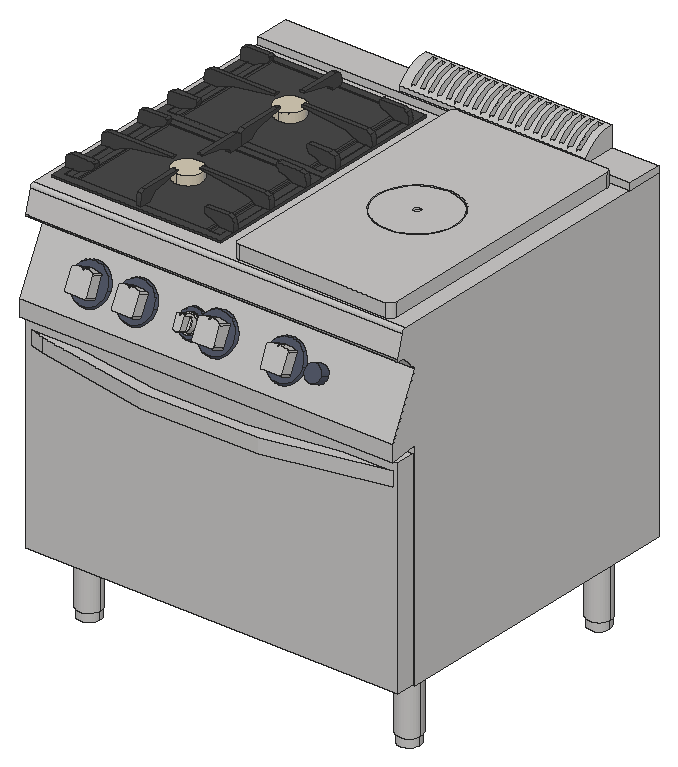
Revit family "QF_ZANUSSI_372009_Z7STGH30G0", category Specialty Equipment, Revit 2018
Family settings
  Round Connector Dimension = Use Diameter
  Part Type = Normal
  Work Plane-Based = No
  Always vertical = Yes
  Cut with Voids When Loaded = No
  Shared = No
  Room Calculation Point = No
Parameters
  Width = 800 mm  # constant formula
  Weight in Pounds = 198  # constant formula
  Weight = 0.00 kg
  Watts = 0 W
  Volts = 0 V
  URL Manufacturer = "http://www.zanussiprofessional.com"
  URL Cutsheet = "www.electrolux.com"
  URL = "http://www.zanussiprofessional.com"
  Type Mark [instance] = ""
  Steam Supply Size = 0"
  Steam Supply Minimum Pressure = 0.00 psi
  Steam Supply Maximum Pressure = 0.00 psi
  Steam Pounds per Hour = 0
  Status [instance] = ""
  Specification by User [instance] = ""
  Specification by Manufacturer = ""
  Show Logo [instance] = yes
  Show Clearance [instance] = yes
  Serial Number = ""
  Seismic Rating = ""
  SMACNA No = ""
  Revision Code [instance] = ""
  Refrigeration Suction Line Size = 0"
  Refrigeration Liquid Line Size = 0"
  Refrigerant Compressor Remote = yes
  Phase = 0
  Omniclass Number and Title = ""
  NAFEM Spec ID Number = ""
  Model = "Z7STGH30G0"
  Mechanical Remarks [instance] = ""
  Mechanical Connection Type [instance] = ""
  Masterspec = ""
  Manufacturer = "Zanussi"
  Length Actual = 800 mm  # constant formula
  Item Number [instance] = "372009"
  Installed By [instance] = ""
  Identify Quantity as Lot [instance] = yes
  Hot Water Size = 0"
  Height Actual = 850 mm  # constant formula
  Height = 908 mm  # constant formula
  HP = "0 HP"
  Gas Size = 1/2"  # constant formula
  Gas RI Height [instance] = 0 mm
  Gas KW [instance] = 20.6  # constant formula
  Gas Input [instance] = 70225.4 Btu/h  # constant formula
  Gas Connection Height = 0 mm
  Furnished By [instance] = ""
  Foodservice Equipment Identifier [instance] = yes
  Direct Waste Size = 0"
  Description = "GAS SOLID TOP+2 BURNERS+OVEN 800 MM"
  Depth Actual = 700 mm  # constant formula
  Depth = 700 mm  # constant formula
  Cycle = 0 Hz
  Condensate Return Size = 0"
  Compressed Air Volume = 0 GPM
  Compressed Air Size = 0"
  Compressed Air Pressure = 0.00 psi
  Cold Water Size = 0"
  CSI MasterFormat = ""
  CSI Master Format = ""
  Assembly Code = ""
  Accessory = yes
Reference planes
  plane 1 "BACK": y = 0
  plane 2: z = 0
  plane 3 "LEFT": x = 0
  plane 4 "RIGHT": x = 800
  plane 5 "FRONT": y = -700
  plane 6 "TOP": z = 908
  plane 7 "Center Y": x = 400
  plane 8 "Center X": y = -350
  plane 9 "Base": z = 150
  plane 10: z = 850
  plane 11: y = -715
  plane 12: y = -1109
  plane 13 "panel": through (-6096, -654.982, 762.264) normal (0, -0.8956, 0.4448)
  plane 14: x = 177.499
Forms (mm)
  Revolve 1, solid, material "QF_Finishes_Stainless Steel"
    sketch origin (1, -90, 0) x (1, 0, 0) y (0, 0, 1)
      loop
        line (55, 0) -> (55, 150) -> (29.6, 150) -> (29.6, 19.05) -> (32.1, 19.05) -> (32.1, 0) -> (55, 0)
      axis (55, 0) -> (55, 150)
    angle from 0 to 360
  Revolve 2, solid, material "QF_Finishes_Stainless Steel"
    sketch origin (1, -599.588, 0) x (1, 0, 0) y (0, 0, 1)
      loop
        line (55, 0) -> (55, 150) -> (29.6, 150) -> (29.6, 19.05) -> (32.1, 19.05) -> (32.1, 0) -> (55, 0)
      axis (55, 0) -> (55, 150)
    angle from 0 to 360
  Revolve 3, solid, material "QF_Finishes_Stainless Steel"
    sketch origin (799, -90, 0) x (-1, 0, 0) y (0, 0, -1)
      loop
        line (55, 0) -> (32.1, 0) -> (32.1, -19.05) -> (29.6, -19.05) -> (29.6, -150) -> (55, -150) -> (55, 0)
      axis (55, 0) -> (55, -150)
    angle from 0 to 360
  Revolve 4, solid, material "QF_Finishes_Stainless Steel"
    sketch origin (799, -599.588, 0) x (-1, 0, 0) y (0, 0, -1)
      loop
        line (55, 0) -> (32.1, 0) -> (32.1, -19.05) -> (29.6, -19.05) -> (29.6, -150) -> (55, -150) -> (55, 0)
      axis (55, 0) -> (55, -150)
    angle from 0 to 360
  Extrusion 5, solid, material "QF_Finishes_Stainless Steel"
    sketch origin (0, 0, 576.213) x (0, 1, 0) y (0, 0, 1)
      loop
        line (0, 273.788) -> (-679.358, 273.788)
        arc (-679.358, 273.788) -> (-684.643, 271.598) -> (-686.833, 266.313) r 7.474
        line (-686.833, 266.313) -> (-699.884, 220.798)
        arc (-699.884, 220.798) -> (-699.396, 218.166) -> (-697, 216.971) r 3
        line (-697, 216.971) -> (-686.802, 216.971) -> (-654.982, 185.152) -> (-715, 64.296) -> (-715, 29.296) -> (-658.645, 37.216)
        arc (-658.645, 37.216) -> (-656.101, 36.462) -> (-655, 34.047) r 3.2
        line (-655, 34.047) -> (-655, -426.212) -> (0, -426.212) -> (0, 273.788)
      loop
        line (-700, 23.788) -> (-700, -421.212) -> (-660, -421.212) -> (-660, 23.788) -> (-700, 23.788)
    from 0 to 800
  Extrusion 6, solid, material "QF_Finishes_Stainless Steel"
    sketch origin (0, 0, 576.213) x (0, 1, 0) y (0, 0, 1)
      loop
        line (0, 273.787) -> (0, 288.075) -> (-76.2, 288.075) -> (-76.2, 273.787) -> (0, 273.787)
    from 0 to 800
  Extrusion 7, void
    sketch origin (34.989, 0, 865.138) x (-1, 0, 0) y (0, -1, 0)
      loop
        line (-295.005, 6.761) -> (-285.709, 6.761) -> (-285.709, 63.911) -> (-295.005, 63.911) -> (-295.005, 6.761)
      loop
        line (-313.697, 6.761) -> (-304.401, 6.761) -> (-304.401, 63.911) -> (-313.697, 63.911) -> (-313.697, 6.761)
      loop
        line (-332.39, 6.761) -> (-323.094, 6.761) -> (-323.094, 63.911) -> (-332.39, 63.911) -> (-332.39, 6.761)
      loop
        line (-351.082, 6.761) -> (-341.787, 6.761) -> (-341.787, 63.911) -> (-351.082, 63.911) -> (-351.082, 6.761)
      loop
        line (-369.775, 6.761) -> (-360.479, 6.761) -> (-360.479, 63.911) -> (-369.775, 63.911) -> (-369.775, 6.761)
      loop
        line (-388.468, 6.761) -> (-379.172, 6.761) -> (-379.172, 63.911) -> (-388.468, 63.911) -> (-388.468, 6.761)
      loop
        line (-407.16, 6.761) -> (-397.864, 6.761) -> (-397.864, 63.911) -> (-407.16, 63.911) -> (-407.16, 6.761)
      loop
        line (-425.853, 6.761) -> (-416.557, 6.761) -> (-416.557, 63.911) -> (-425.853, 63.911) -> (-425.853, 6.761)
      loop
        line (-444.545, 6.761) -> (-435.25, 6.761) -> (-435.25, 63.911) -> (-444.545, 63.911) -> (-444.545, 6.761)
      loop
        line (-463.238, 6.761) -> (-453.942, 6.761) -> (-453.942, 63.911) -> (-463.238, 63.911) -> (-463.238, 6.761)
      loop
        line (-481.931, 6.761) -> (-472.635, 6.761) -> (-472.635, 63.911) -> (-481.931, 63.911) -> (-481.931, 6.761)
      loop
        line (-500.623, 6.761) -> (-491.328, 6.761) -> (-491.328, 63.911) -> (-500.623, 63.911) -> (-500.623, 6.761)
      loop
        line (-519.316, 6.761) -> (-510.02, 6.761) -> (-510.02, 63.911) -> (-519.316, 63.911) -> (-519.316, 6.761)
      loop
        line (-538.008, 6.761) -> (-528.713, 6.761) -> (-528.713, 63.911) -> (-538.008, 63.911) -> (-538.008, 6.761)
      loop
        line (-556.701, 6.761) -> (-547.405, 6.761) -> (-547.405, 63.911) -> (-556.701, 63.911) -> (-556.701, 6.761)
      loop
        line (-575.394, 6.761) -> (-566.098, 6.761) -> (-566.098, 63.911) -> (-575.394, 63.911) -> (-575.394, 6.761)
      loop
        line (-594.086, 6.761) -> (-584.791, 6.761) -> (-584.791, 63.911) -> (-594.086, 63.911) -> (-594.086, 6.761)
      loop
        line (-612.779, 6.761) -> (-603.483, 6.761) -> (-603.483, 63.911) -> (-612.779, 63.911) -> (-612.779, 6.761)
      loop
        line (-631.472, 6.761) -> (-622.176, 6.761) -> (-622.176, 63.911) -> (-631.472, 63.911) -> (-631.472, 6.761)
      loop
        line (-650.164, 6.761) -> (-640.868, 6.761) -> (-640.868, 63.911) -> (-650.164, 63.911) -> (-650.164, 6.761)
    from 9.525 to 45.348
  Extrusion 8, solid, material "QF_Finishes_Stainless Steel"
    sketch origin (-100, 0, 590.5) x (0, 1, 0) y (0, 0, 1)
      loop
        line (0, 273.788) -> (0, 317.5)
        arc (0, 317.5) -> (-39.072, 308.879) -> (-69.85, 283.312) r 84.854
        line (-69.85, 283.312) -> (-69.85, 273.788) -> (0, 273.788)
    from 400 to 800
  Extrusion 9, solid, material "QF_Finishes_Stainless Steel"
    sketch origin (0, 0, 150) x (-1, 0, 0) y (0, -1, 0)
      loop
        circle (-747.612, 464) r 6.35
    from -8.815 to 7.722
  Extrusion 10, solid, material "QF_Finishes_Door Clearance", visible <- "Show Clearance", detail levels coarse
    sketch origin (0, 0, 0) x (0, 1, 0) y (0, 0, 1)
      loop
        arc (-700, 600) -> (-991.621, 457.58) -> (-1108.972, 155) r 445
        line (-1108.972, 155) -> (-700, 155) -> (-700, 600)
    from 0 to 800
  Extrusion 11, solid, material "QF_Finishes_Clearance", visible <- "Show Clearance", detail levels coarse
    sketch origin (0, 0, 0) x (1, 0, 0) y (0, 1, 0)
      loop
        line (-150, -715) -> (0, -715) -> (0, 0) -> (800, 0) -> (800, -715) -> (950, -715) -> (950, 150) -> (-150, 150) -> (-150, -715)
    from 0 to 908.85
  Extrusion 12, solid, material "QF_Finishes_Stainless Steel"
    sketch origin (17.4, 0, 850.85) x (0, -1, 0) y (1, 0, 0)
      loop
        arc (82.3, 420.3) -> (86.02, 411.32) -> (95, 407.6) r 12.7
        line (95, 407.6) -> (659.6, 407.6)
        arc (659.6, 407.6) -> (668.58, 411.32) -> (672.3, 420.3) r 12.7
        line (672.3, 420.3) -> (672.3, 734.9)
        arc (672.3, 734.9) -> (668.58, 743.88) -> (659.6, 747.6) r 12.7
        line (659.6, 747.6) -> (95, 747.6)
        arc (95, 747.6) -> (86.02, 743.88) -> (82.3, 734.9) r 12.7
        line (82.3, 734.9) -> (82.3, 420.3)
      loop
        circle (392.3, 577.749) r 82.55
      loop
        circle (392.3, 577.749) r 7
      loop
        arc (349.393, 651.634) -> (309.746, 556.172) -> (390.976, 492.245) r 85.532
        arc (390.976, 492.245) -> (451.615, 516.637) -> (477.371, 576.709) r 85.614
        arc (477.371, 576.709) -> (435.193, 651.427) -> (349.393, 651.634) r 85.263
    from 0 to 28.575
  Extrusion 13, solid, material "QF_Finishes_Stainless Steel"
    sketch origin (195.13, 12.7, 850.85) x (0, -1, 0) y (1, 0, 0)
      loop
        circle (405, 400) r 7
    from 0 to 26.981
  Blend 14, solid, material "QF_Finishes_Navy Blue"
    base sketch origin (127.457, -684.991, 701.836) x (1, 0, 0) y (0, 0.444781, 0.895639)
      loop
        circle (0, 0) r 42.5
    top sketch origin (127.457, -684.991, 701.836) x (1, 0, 0) y (0, 0.444781, 0.895639)
      loop
        circle (0, 0) r 40.5
    from 0 to 5
  Extrusion 15, solid, material "QF_Finishes_Stainless Steel"
    sketch origin (127.457, -684.991, 701.836) x (1, 0, 0) y (0, 0.444781, 0.895639)
      loop
        arc (-21.147, 22.789) -> (-22.494, 21.685) -> (-23, 20.019) r 2.997
        line (-23, 20.019) -> (-23, -20.019)
        arc (-23, -20.019) -> (-22.122, -22.138) -> (-20.003, -23.016) r 2.997
        line (-20.003, -23.016) -> (20.003, -23.016)
        arc (20.003, -23.016) -> (22.122, -22.138) -> (23, -20.019) r 2.997
        line (23, -20.019) -> (23, 20.019)
        arc (23, 20.019) -> (22.494, 21.685) -> (21.147, 22.789) r 2.997
        arc (21.147, 22.789) -> (0, 26.984) -> (-21.147, 22.789) r 55.4
    from 10 to 34
  Extrusion 16, solid, material "QF_Plastic-Black-Matte"
    sketch origin (184.957, -684.991, 701.836) x (0, 0.444781, 0.895639) y (0, -0.895639, 0.444781)
      loop
        line (26.984, 34) -> (26.984, 19) -> (27.984, 19) -> (27.984, 34)
        arc (27.984, 34) -> (27.691, 34.707) -> (26.984, 35) r 1
        line (26.984, 35) -> (23.984, 35) -> (23.984, 34) -> (26.984, 34)
    from -58.5 to -56.5
  Extrusion 17, solid, material "QF_Finishes_Stainless Steel"
    sketch origin (127.457, -684.991, 701.836) x (1, 0, 0) y (0, 0.444781, 0.895639)
      loop
        line (17.5, 17.5) -> (-17.5, 17.5) -> (-17.5, -17.5) -> (17.5, -17.5) -> (17.5, 17.5)
    from 5 to 10
  Extrusion 18, solid, material "QF_Plastic-Black-Matte"
    sketch origin (169.957, -684.991, 701.836) x (0, 0.444781, 0.895639) y (0, 0.895639, -0.444781)
      loop
        line (26.984, -34) -> (23.984, -34) -> (23.984, -35) -> (26.984, -35)
        arc (26.984, -35) -> (27.691, -34.707) -> (27.984, -34) r 1
        line (27.984, -34) -> (27.984, -19) -> (26.984, -19) -> (26.984, -34)
    from -58.5 to -56.5
  Extrusion 19, solid, material "QF_Finishes_Stainless Steel"
    sketch origin (227.457, -684.991, 701.836) x (-1, 0, 0) y (0, -0.444781, -0.895639)
      loop
        line (17.5, -17.5) -> (17.5, 17.5) -> (-17.5, 17.5) -> (-17.5, -17.5) -> (17.5, -17.5)
    from 5 to 10
  Blend 20, solid, material "QF_Finishes_Navy Blue"
    base sketch origin (227.457, -684.991, 701.836) x (1, 0, 0) y (0, 0.444781, 0.895639)
      loop
        circle (0, 0) r 42.5
    top sketch origin (227.457, -684.991, 701.836) x (1, 0, 0) y (0, 0.444781, 0.895639)
      loop
        circle (0, 0) r 40.5
    from 0 to 5
  Extrusion 21, solid, material "QF_Finishes_Stainless Steel"
    sketch origin (227.457, -684.991, 701.836) x (-1, 0, 0) y (0, -0.444781, -0.895639)
      loop
        arc (-21.147, -22.789) -> (0, -26.984) -> (21.147, -22.789) r 55.4
        arc (21.147, -22.789) -> (22.494, -21.685) -> (23, -20.019) r 2.997
        line (23, -20.019) -> (23, 20.019)
        arc (23, 20.019) -> (22.122, 22.138) -> (20.003, 23.016) r 2.997
        line (20.003, 23.016) -> (-20.003, 23.016)
        arc (-20.003, 23.016) -> (-22.122, 22.138) -> (-23, 20.019) r 2.997
        line (-23, 20.019) -> (-23, -20.019)
        arc (-23, -20.019) -> (-22.494, -21.685) -> (-21.147, -22.789) r 2.997
    from 10 to 34
  Blend 22, solid, material "QF_Finishes_Navy Blue"
    base sketch origin (400, -684.991, 701.836) x (1, 0, 0) y (0, 0.444781, 0.895639)
      loop
        arc (-35.05, -24.037) -> (42.5, 0) -> (-35.05, 24.037) r 42.5
        arc (-35.05, 24.037) -> (-83, 0) -> (-35.05, -24.037) r 30
    top sketch origin (400, -684.991, 701.836) x (1, 0, 0) y (0, 0.444781, 0.895639)
      loop
        arc (-34.578, -21.086) -> (40.5, 0) -> (-34.578, 21.086) r 40.5
        arc (-34.578, 21.086) -> (-81, 0) -> (-34.578, -21.086) r 28
    from 0 to 5
  Extrusion 23, solid, material "QF_Finishes_Stainless Steel"
    sketch origin (167.5, -684.991, 701.836) x (1, 0, 0) y (0, 0.444781, 0.895639)
      loop
        circle (177.499, -0.341) r 20
    from 5 to 10
  Extrusion 24, void
    sketch origin (400, -684.991, 701.836) x (1, 0, 0) y (0, -0.895639, 0.444781)
      loop
        line (-62.999, 24.837) -> (-62.999, 40) -> (-71.893, 40) -> (-71.893, 22) -> (-65.835, 22)
        arc (-65.835, 22) -> (-63.827, 22.828) -> (-62.999, 24.837) r 2.827
      loop
        arc (-47.003, 24.837) -> (-46.175, 22.828) -> (-44.167, 22) r 2.827
        line (-44.167, 22) -> (-38.109, 22) -> (-38.109, 40) -> (-47.003, 40) -> (-47.003, 24.837)
    from -20.019 to 20.019
  Extrusion 25, solid, material "QF_Finishes_Stainless Steel"
    sketch origin (167.5, -684.991, 701.836) x (1, 0, 0) y (0, 0.444781, 0.895639)
      loop
        arc (211.353, 22.789) -> (210.006, 21.685) -> (209.5, 20.019) r 2.997
        line (209.5, 20.019) -> (209.5, -20.019)
        arc (209.5, -20.019) -> (210.378, -22.138) -> (212.497, -23.016) r 2.997
        line (212.497, -23.016) -> (252.503, -23.016)
        arc (252.503, -23.016) -> (254.622, -22.138) -> (255.5, -20.019) r 2.997
        line (255.5, -20.019) -> (255.5, 20.019)
        arc (255.5, 20.019) -> (254.994, 21.685) -> (253.647, 22.789) r 2.997
        arc (253.647, 22.789) -> (232.5, 26.984) -> (211.353, 22.789) r 55.4
    from 5 to 34
  Blend 26, solid, material "QF_Finishes_Navy Blue"
    base sketch origin (547.457, -684.991, 701.836) x (1, 0, 0) y (0, 0.444781, 0.895639)
      loop
        circle (0, 0) r 42.5
    top sketch origin (547.457, -684.991, 701.836) x (1, 0, 0) y (0, 0.444781, 0.895639)
      loop
        circle (0, 0) r 40.5
    from 0 to 5
  Extrusion 27, solid, material "QF_Finishes_Stainless Steel"
    sketch origin (547.457, -684.991, 701.836) x (1, 0, 0) y (0, 0.444781, 0.895639)
      loop
        arc (-21.147, 22.789) -> (-22.494, 21.685) -> (-23, 20.019) r 2.997
        line (-23, 20.019) -> (-23, -20.019)
        arc (-23, -20.019) -> (-22.122, -22.138) -> (-20.003, -23.016) r 2.997
        line (-20.003, -23.016) -> (20.003, -23.016)
        arc (20.003, -23.016) -> (22.122, -22.138) -> (23, -20.019) r 2.997
        line (23, -20.019) -> (23, 20.019)
        arc (23, 20.019) -> (22.494, 21.685) -> (21.147, 22.789) r 2.997
        arc (21.147, 22.789) -> (0, 26.984) -> (-21.147, 22.789) r 55.4
    from 10 to 34
  Extrusion 28, solid, material "QF_Plastic-Black-Matte"
    sketch origin (604.957, -684.991, 701.836) x (0, 0.444781, 0.895639) y (0, -0.895639, 0.444781)
      loop
        line (26.984, 34) -> (26.984, 19) -> (27.984, 19) -> (27.984, 34)
        arc (27.984, 34) -> (27.691, 34.707) -> (26.984, 35) r 1
        line (26.984, 35) -> (23.984, 35) -> (23.984, 34) -> (26.984, 34)
    from -58.5 to -56.5
  Extrusion 29, solid, material "QF_Finishes_Stainless Steel"
    sketch origin (547.457, -684.991, 701.836) x (1, 0, 0) y (0, 0.444781, 0.895639)
      loop
        line (17.5, 17.5) -> (-17.5, 17.5) -> (-17.5, -17.5) -> (17.5, -17.5) -> (17.5, 17.5)
    from 5 to 10
  Extrusion 30, solid, material "QF_Finishes_Navy Blue"
    sketch origin (677.184, -684.991, 701.836) x (1, 0, 0) y (0, 0.444781, 0.895639)
      loop
        circle (-55.001, 0) r 18
    from 3 to 23
  Extrusion 31, solid, material "QF_Finishes_Stainless Steel"
    sketch origin (538.183, -684.991, 701.836) x (1, 0, 0) y (0, 0.444781, 0.895639)
      loop
        circle (84, 0) r 15
    from 3 to 0
  Extrusion 32, solid, material "QF_Finishes_Stainless Steel"
    sketch origin (0, -829.065, 411.72) x (0, 0.444781, 0.895639) y (-1, 0, 0)
      loop
        circle (323.58, -344.999) r 16
    from 10 to 40
  Extrusion 33, solid, material "QF_Finishes_Stainless Steel"
    sketch origin (0, 0, 150) x (-1, 0, 0) y (0, -1, 0)
      loop
        line (-790, 700) -> (-696.395, 700)
        arc (-696.395, 700) -> (-400, 735) -> (-103.605, 700) r 1272.5
        line (-103.605, 700) -> (-10, 700)
        arc (-10, 700) -> (-26.992, 705.227) -> (-44.053, 710.221) r 1297.5
        arc (-44.053, 710.221) -> (-417.777, 759.878) -> (-790, 700) r 1297.5
    from 400 to 430
  Extrusion 34, solid, material "QF_Plastic-Black-Matte"
    sketch origin (457.5, -684.991, 701.836) x (0, 0.444781, 0.895639) y (0, -0.895639, 0.444781)
      loop
        line (26.984, 34) -> (26.984, 19) -> (27.984, 19) -> (27.984, 34)
        arc (27.984, 34) -> (27.691, 34.707) -> (26.984, 35) r 1
        line (26.984, 35) -> (23.984, 35) -> (23.984, 34) -> (26.984, 34)
    from -58.5 to -56.5
  Extrusion 35, solid, material "QF_Plastic-Black-Matte"
    sketch origin (402.5, -695.402, 694.362) x (0, 0.444781, 0.895639) y (0, -0.895639, 0.444781)
      loop
        line (26.984, 34) -> (26.984, 19) -> (27.984, 19) -> (27.984, 34)
        arc (27.984, 34) -> (27.691, 34.707) -> (26.984, 35) r 1
        line (26.984, 35) -> (23.984, 35) -> (23.984, 34) -> (26.984, 34)
    from -58.5 to -56.5
Cuts and joins
  Extrusion 7 cuts Extrusion 5
  Extrusion 7 cuts Extrusion 8
  joined: Extrusion 6, Extrusion 8
  Extrusion 24 cuts Extrusion 32
Lines and regions (mm)
  Split face 1
    outline origin (127.457, -689.469, 704.06) x (1, 0, 0) y (0, 0.444781, 0.895639)
      loop
        circle (-33, 0) r 3
  Split face 2
    outline origin (233.357, -689.469, 704.06) x (1, 0, 0) y (0, 0.444781, 0.895639)
      loop
        line (-8.901, 38.561) -> (-8.901, 28.561) -> (-2.901, 28.561) -> (-2.901, 38.561) -> (-8.901, 38.561)
  Split face 3
    outline origin (233.357, -689.469, 704.06) x (1, 0, 0) y (0, 0.444781, 0.895639)
      loop
        line (-8.401, 38.061) -> (-8.401, 29.061) -> (-3.401, 29.061) -> (-3.401, 38.061) -> (-8.401, 38.061)
  Split face 4
    outline origin (233.357, -689.469, 704.06) x (1, 0, 0) y (0, 0.444781, 0.895639)
      loop
        line (-8.401, 33.561) -> (-3.401, 33.561)
  Split face 5
    outline origin (233.357, -689.469, 704.06) x (1, 0, 0) y (0, 0.444781, 0.895639)
      loop
        line (-8.401, 33.061) -> (-3.401, 33.061)
  Split face 6
    outline origin (133.357, -689.469, 704.06) x (1, 0, 0) y (0, 0.444781, 0.895639)
      loop
        line (-8.901, 38.561) -> (-8.901, 28.561) -> (-2.901, 28.561) -> (-2.901, 38.561) -> (-8.901, 38.561)
  Split face 7
    outline origin (133.357, -689.469, 704.06) x (1, 0, 0) y (0, 0.444781, 0.895639)
      loop
        line (-8.401, 38.061) -> (-8.401, 29.061) -> (-3.401, 29.061) -> (-3.401, 38.061) -> (-8.401, 38.061)
  Split face 8
    outline origin (133.357, -689.469, 704.06) x (1, 0, 0) y (0, 0.444781, 0.895639)
      loop
        line (-8.401, 34.061) -> (-3.401, 34.061)
  Split face 9
    outline origin (133.357, -689.469, 704.06) x (1, 0, 0) y (0, 0.444781, 0.895639)
      loop
        line (-8.401, 33.561) -> (-3.401, 33.561)
  Split face 10
    outline origin (153.114, -675.159, 732.875) x (-1, 0, 0) y (0, -0.444781, -0.895639)
      loop
        circle (43.456, 61.543) r 1.5
  Split face 11
    outline origin (133.357, -689.469, 704.06) x (1, 0, 0) y (0, 0.444781, 0.895639)
      loop
        circle (-5.901, 31.311) r 2.029
  Split face 12
    outline origin (233.357, -689.469, 704.06) x (1, 0, 0) y (0, 0.444781, 0.895639)
      loop
        circle (-5.901, 35.811) r 2.031
  Split face 13
    outline origin (127.457, -689.469, 704.06) x (1, 0, 0) y (0, 0.444781, 0.895639)
      loop
        circle (-24.487, 26.694) r 3.497
  Split face 14
    outline origin (227.457, -689.469, 704.06) x (1, 0, 0) y (0, 0.444781, 0.895639)
      loop
        circle (-24.487, 26.694) r 3.497
  Split face 15
    outline origin (227.457, -689.469, 704.06) x (1, 0, 0) y (0, 0.444781, 0.895639)
      loop
        circle (-33, 0) r 3
  Split face 16
    outline origin (227.457, -689.469, 704.06) x (1, 0, 0) y (0, 0.444781, 0.895639)
      loop
        circle (-17.8, -29.371) r 1.5
  Split face 17
    outline origin (400, -689.469, 704.06) x (1, 0, 0) y (0, 0.444781, 0.895639)
      loop
        circle (0, 33) r 1
  Split face 18
    outline origin (400, -689.469, 704.06) x (1, 0, 0) y (0, 0.444781, 0.895639)
      loop
        circle (-8.541, 31.876) r 1
  Split face 19
    outline origin (400, -689.469, 704.06) x (1, 0, 0) y (0, 0.444781, 0.895639)
      loop
        circle (-16.5, 28.579) r 1
  Split face 20
    outline origin (400, -689.469, 704.06) x (1, 0, 0) y (0, 0.444781, 0.895639)
      loop
        circle (-23.335, 23.335) r 1
  Split face 21
    outline origin (400, -689.469, 704.06) x (1, 0, 0) y (0, 0.444781, 0.895639)
      loop
        circle (-28.579, 16.5) r 1
  Split face 22
    outline origin (400, -689.469, 704.06) x (1, 0, 0) y (0, 0.444781, 0.895639)
      loop
        circle (-31.876, 8.541) r 1
  Split face 23
    outline origin (400, -689.469, 704.06) x (1, 0, 0) y (0, 0.444781, 0.895639)
      loop
        circle (-33, 0) r 1
  Split face 24
    outline origin (400, -689.469, 704.06) x (-1, 0, 0) y (0, 0.444781, 0.895639)
      loop
        circle (-8.541, 31.876) r 1
  Split face 25
    outline origin (400, -689.469, 704.06) x (-1, 0, 0) y (0, 0.444781, 0.895639)
      loop
        circle (-16.5, 28.579) r 1
  Split face 26
    outline origin (400, -689.469, 704.06) x (-1, 0, 0) y (0, 0.444781, 0.895639)
      loop
        circle (-23.335, 23.335) r 1
  Split face 27
    outline origin (400, -689.469, 704.06) x (-1, 0, 0) y (0, 0.444781, 0.895639)
      loop
        circle (-28.579, 16.5) r 1
  Split face 28
    outline origin (400, -689.469, 704.06) x (-1, 0, 0) y (0, 0.444781, 0.895639)
      loop
        circle (-31.876, 8.541) r 1
  Split face 29
    outline origin (400, -689.469, 704.06) x (1, 0, 0) y (0, -0.444781, -0.895639)
      loop
        circle (0, 33) r 1
  Split face 30
    outline origin (400, -689.469, 704.06) x (1, 0, 0) y (0, -0.444781, -0.895639)
      loop
        circle (-8.541, 31.876) r 1
  Split face 31
    outline origin (400, -689.469, 704.06) x (1, 0, 0) y (0, -0.444781, -0.895639)
      loop
        circle (-16.5, 28.579) r 1
  Split face 32
    outline origin (400, -689.469, 704.06) x (1, 0, 0) y (0, -0.444781, -0.895639)
      loop
        circle (-23.335, 23.335) r 1
  Split face 33
    outline origin (400, -689.469, 704.06) x (1, 0, 0) y (0, -0.444781, -0.895639)
      loop
        circle (-28.579, 16.5) r 1
  Split face 34
    outline origin (400, -689.469, 704.06) x (1, 0, 0) y (0, -0.444781, -0.895639)
      loop
        circle (-31.876, 8.541) r 1
  Split face 35
    outline origin (400, -689.469, 704.06) x (-1, 0, 0) y (0, -0.444781, -0.895639)
      loop
        circle (-8.541, 31.876) r 1
  Split face 36
    outline origin (400, -689.469, 704.06) x (-1, 0, 0) y (0, -0.444781, -0.895639)
      loop
        circle (-16.5, 28.579) r 1
  Split face 37
    outline origin (400, -689.469, 704.06) x (-1, 0, 0) y (0, -0.444781, -0.895639)
      loop
        circle (-23.335, 23.335) r 1
  Split face 38
    outline origin (400, -689.469, 704.06) x (-1, 0, 0) y (0, -0.444781, -0.895639)
      loop
        circle (-28.579, 16.5) r 1
  Split face 39
    outline origin (400, -689.469, 704.06) x (-1, 0, 0) y (0, -0.444781, -0.895639)
      loop
        circle (-31.876, 8.541) r 1
  Split face 40
    outline origin (400, -689.469, 704.06) x (1, 0, 0) y (0, 0.444781, 0.895639)
      loop
        circle (33, 0) r 1
  Split face 41
    outline origin (400, -689.469, 704.06) x (1, 0, 0) y (0, 0.444781, 0.895639)
      loop
        circle (-55.001, 22) r 1.508
  Split face 42
    outline origin (400, -689.469, 704.06) x (1, 0, 0) y (0, 0.444781, 0.895639)
      loop
        circle (-77.001, 0) r 1.343
  Split face 43
    outline origin (400, -689.469, 704.06) x (1, 0, 0) y (0, 0.444781, 0.895639)
      loop
        line (-56.273, -20.786) -> (-56.273, -25.164) -> (-53.729, -25.164) -> (-53.729, -20.786) -> (-56.273, -20.786)
  Split face 44
    outline origin (547.457, -689.469, 704.06) x (1, 0, 0) y (0, 0.444781, 0.895639)
      loop
        circle (-33, 0) r 3
  Split face 45
    outline origin (553.357, -689.469, 704.06) x (1, 0, 0) y (0, 0.444781, 0.895639)
      loop
        line (-8.901, 38.561) -> (-8.901, 28.561) -> (-2.901, 28.561) -> (-2.901, 38.561) -> (-8.901, 38.561)
  Split face 46
    outline origin (553.357, -689.469, 704.06) x (1, 0, 0) y (0, 0.444781, 0.895639)
      loop
        line (-8.401, 38.061) -> (-8.401, 29.061) -> (-3.401, 29.061) -> (-3.401, 38.061) -> (-8.401, 38.061)
  Split face 47
    outline origin (553.357, -689.469, 704.06) x (1, 0, 0) y (0, 0.444781, 0.895639)
      loop
        line (-8.401, 34.061) -> (-3.401, 34.061)
  Split face 48
    outline origin (553.357, -689.469, 704.06) x (1, 0, 0) y (0, 0.444781, 0.895639)
      loop
        line (-8.401, 33.561) -> (-3.401, 33.561)
  Split face 49
    outline origin (573.114, -675.159, 732.875) x (-1, 0, 0) y (0, -0.444781, -0.895639)
      loop
        circle (43.456, 61.543) r 1.5
  Split face 50
    outline origin (553.357, -689.469, 704.06) x (1, 0, 0) y (0, 0.444781, 0.895639)
      loop
        circle (-5.901, 31.311) r 2.029
  Split face 51
    outline origin (547.457, -689.469, 704.06) x (1, 0, 0) y (0, 0.444781, 0.895639)
      loop
        circle (-24.487, 26.694) r 3.497
  symbolic lines, style "QF-Door Swings"
    curve 1: line (0, -715, 150) -> (0, -1109, 150)
    curve 2: line (0, -1109, 150) -> (800, -1109, 150)
    curve 3: line (800, -1109, 150) -> (800, -715, 150)
  symbolic lines
    curve 4: line (0, 0, 150) -> (0, -715, 150)
    curve 5: line (0, -69.85, 150) -> (800, -69.85, 150)
    curve 6: line (0, -76.2, 150) -> (800, -76.2, 150)
    curve 7: line (800, -715, 150) -> (800, 0, 150)
    curve 8: line (0, 0, 150) -> (800, 0, 150)
    curve 9: line (329.994, -6.761, 150) -> (329.994, -63.911, 150)
    curve 10: line (329.994, -63.911, 150) -> (320.698, -63.911, 150)
    curve 11: line (320.698, -63.911, 150) -> (320.698, -6.761, 150)
    curve 12: line (320.698, -6.761, 150) -> (329.994, -6.761, 150)
    curve 13: line (535.612, -6.761, 150) -> (535.612, -63.911, 150)
    curve 14: line (535.612, -63.911, 150) -> (526.317, -63.911, 150)
    curve 15: line (526.317, -63.911, 150) -> (526.317, -6.761, 150)
    curve 16: line (526.317, -6.761, 150) -> (535.612, -6.761, 150)
    curve 17: line (516.92, -6.761, 150) -> (516.92, -63.911, 150)
    curve 18: line (516.92, -63.911, 150) -> (507.624, -63.911, 150)
    curve 19: line (507.624, -63.911, 150) -> (507.624, -6.761, 150)
    curve 20: line (507.624, -6.761, 150) -> (516.92, -6.761, 150)
    curve 21: line (498.227, -6.761, 150) -> (498.227, -63.911, 150)
    curve 22: line (498.227, -63.911, 150) -> (488.931, -63.911, 150)
    curve 23: line (488.931, -63.911, 150) -> (488.931, -6.761, 150)
    curve 24: line (488.931, -6.761, 150) -> (498.227, -6.761, 150)
    curve 25: line (479.534, -6.761, 150) -> (479.534, -63.911, 150)
    curve 26: line (479.534, -63.911, 150) -> (470.239, -63.911, 150)
    curve 27: line (470.239, -63.911, 150) -> (470.239, -6.761, 150)
    curve 28: line (470.239, -6.761, 150) -> (479.534, -6.761, 150)
    curve 29: line (460.842, -6.761, 150) -> (460.842, -63.911, 150)
    curve 30: line (460.842, -63.911, 150) -> (451.546, -63.911, 150)
    curve 31: line (451.546, -63.911, 150) -> (451.546, -6.761, 150)
    curve 32: line (451.546, -6.761, 150) -> (460.842, -6.761, 150)
    curve 33: line (442.149, -6.761, 150) -> (442.149, -63.911, 150)
    curve 34: line (442.149, -63.911, 150) -> (432.854, -63.911, 150)
    curve 35: line (432.854, -63.911, 150) -> (432.854, -6.761, 150)
    curve 36: line (432.854, -6.761, 150) -> (442.149, -6.761, 150)
    curve 37: line (423.457, -6.761, 150) -> (423.457, -63.911, 150)
    curve 38: line (423.457, -63.911, 150) -> (414.161, -63.911, 150)
    curve 39: line (414.161, -63.911, 150) -> (414.161, -6.761, 150)
    curve 40: line (414.161, -6.761, 150) -> (423.457, -6.761, 150)
    curve 41: line (404.764, -6.761, 150) -> (404.764, -63.911, 150)
    curve 42: line (404.764, -63.911, 150) -> (395.468, -63.911, 150)
    curve 43: line (395.468, -63.911, 150) -> (395.468, -6.761, 150)
    curve 44: line (395.468, -6.761, 150) -> (404.764, -6.761, 150)
    curve 45: line (386.071, -6.761, 150) -> (386.071, -63.911, 150)
    curve 46: line (386.071, -63.911, 150) -> (376.776, -63.911, 150)
    curve 47: line (376.776, -63.911, 150) -> (376.776, -6.761, 150)
    curve 48: line (376.776, -6.761, 150) -> (386.071, -6.761, 150)
    curve 49: line (367.379, -6.761, 150) -> (367.379, -63.911, 150)
    curve 50: line (367.379, -63.911, 150) -> (358.083, -63.911, 150)
    curve 51: line (358.083, -63.911, 150) -> (358.083, -6.761, 150)
    curve 52: line (358.083, -6.761, 150) -> (367.379, -6.761, 150)
    curve 53: line (348.686, -6.761, 150) -> (348.686, -63.911, 150)
    curve 54: line (348.686, -63.911, 150) -> (339.39, -63.911, 150)
    curve 55: line (339.39, -63.911, 150) -> (339.39, -6.761, 150)
    curve 56: line (339.39, -6.761, 150) -> (348.686, -6.761, 150)
    curve 57: line (685.153, -6.761, 150) -> (685.153, -63.911, 150)
    curve 58: line (685.153, -63.911, 150) -> (675.857, -63.911, 150)
    curve 59: line (675.857, -63.911, 150) -> (675.857, -6.761, 150)
    curve 60: line (675.857, -6.761, 150) -> (685.153, -6.761, 150)
    curve 61: line (666.461, -6.761, 150) -> (666.461, -63.911, 150)
    curve 62: line (666.461, -63.911, 150) -> (657.165, -63.911, 150)
    curve 63: line (657.165, -63.911, 150) -> (657.165, -6.761, 150)
    curve 64: line (657.165, -6.761, 150) -> (666.461, -6.761, 150)
    curve 65: line (647.768, -6.761, 150) -> (647.768, -63.911, 150)
    curve 66: line (647.768, -63.911, 150) -> (638.472, -63.911, 150)
    curve 67: line (638.472, -63.911, 150) -> (638.472, -6.761, 150)
    curve 68: line (638.472, -6.761, 150) -> (647.768, -6.761, 150)
    curve 69: line (629.075, -6.761, 150) -> (629.075, -63.911, 150)
    curve 70: line (629.075, -63.911, 150) -> (619.78, -63.911, 150)
    curve 71: line (619.78, -63.911, 150) -> (619.78, -6.761, 150)
    curve 72: line (619.78, -6.761, 150) -> (629.075, -6.761, 150)
    curve 73: line (610.383, -6.761, 150) -> (610.383, -63.911, 150)
    curve 74: line (610.383, -63.911, 150) -> (601.087, -63.911, 150)
    curve 75: line (601.087, -63.911, 150) -> (601.087, -6.761, 150)
    curve 76: line (601.087, -6.761, 150) -> (610.383, -6.761, 150)
    curve 77: line (591.69, -6.761, 150) -> (591.69, -63.911, 150)
    curve 78: line (591.69, -63.911, 150) -> (582.394, -63.911, 150)
    curve 79: line (582.394, -63.911, 150) -> (582.394, -6.761, 150)
    curve 80: line (582.394, -6.761, 150) -> (591.69, -6.761, 150)
    curve 81: line (572.998, -6.761, 150) -> (572.998, -63.911, 150)
    curve 82: line (572.998, -63.911, 150) -> (563.702, -63.911, 150)
    curve 83: line (563.702, -63.911, 150) -> (563.702, -6.761, 150)
    curve 84: line (563.702, -6.761, 150) -> (572.998, -6.761, 150)
    curve 85: line (554.305, -6.761, 150) -> (554.305, -63.911, 150)
    curve 86: line (554.305, -63.911, 150) -> (545.009, -63.911, 150)
    curve 87: line (545.009, -63.911, 150) -> (545.009, -6.761, 150)
    curve 88: line (545.009, -6.761, 150) -> (554.305, -6.761, 150)
    curve 92: line (300, -69.85, 150) -> (300, 0, 150)
    curve 93: line (700, -69.85, 150) -> (700, 0, 150)
    curve 94: line (425, -95, 150) -> (425, -659.6, 150)
    curve 95: arc (425, -659.6, 150) -> (428.72, -668.58, 150) -> (437.7, -672.3, 150) r 12.7
    curve 96: line (437.7, -672.3, 150) -> (752.3, -672.3, 150)
    curve 97: arc (605.747, -477.09, 150) -> (538.963, -456.68, 150) -> (509.704, -393.272, 150) r 85.45
    curve 98: line (752.3, -82.3, 150) -> (437.7, -82.3, 150)
    curve 99: arc (437.7, -82.3, 150) -> (428.72, -86.02, 150) -> (425, -95, 150) r 12.7
    curve 100: line (765, -659.6, 150) -> (765, -95, 150)
    curve 101: arc (765, -95, 150) -> (761.28, -86.02, 150) -> (752.3, -82.3, 150) r 12.7
    curve 102: arc (603.714, -307.28, 150) -> (657.92, -334.321, 150) -> (680.58, -390.499, 150) r 85.45
    curve 103: arc (752.3, -672.3, 150) -> (761.28, -668.58, 150) -> (765, -659.6, 150) r 12.7
    curve 104: arc (595.149, -309.75, 150) -> (512.599, -392.3, 150) -> (595.149, -474.85, 150) r 82.55
    curve 105: arc (595.149, -474.85, 150) -> (677.699, -392.3, 150) -> (595.149, -309.75, 150) r 82.55
    curve 106: arc (595.149, -385.3, 150) -> (602.149, -392.3, 150) -> (595.149, -399.3, 150) r 7
    curve 107: arc (595.149, -399.3, 150) -> (588.149, -392.3, 150) -> (595.149, -385.3, 150) r 7
    curve 108: line (425, -390.499, 150) -> (509.718, -390.499, 150)
    curve 109: line (425, -393.272, 150) -> (509.704, -393.272, 150)
    curve 110: line (680.593, -393.272, 150) -> (765, -393.272, 150)
    curve 111: line (680.58, -390.499, 150) -> (765, -390.499, 150)
    curve 112: arc (509.718, -390.499, 150) -> (538.506, -328.321, 150) -> (603.714, -307.28, 150) r 85.45
    curve 113: arc (680.593, -393.272, 150) -> (658.886, -449.215, 150) -> (605.747, -477.09, 150) r 85.45
    curve 114: line (104.457, -700, 0) -> (104.457, -724.217, 0)
    curve 115: arc (104.457, -724.217, 0) -> (104.603, -724.681, 0) -> (104.989, -724.977, 0) r 0.809
    curve 116: arc (104.989, -724.977, 0) -> (106.177, -725.458, 0) -> (107.454, -725.551, 0) r 4.127
    curve 117: arc (104.457, -704.292, 0) -> (99.416, -702.458, 0) -> (94.648, -700, 0) r 42.24
    curve 118: arc (104.457, -706.539, 0) -> (104.959, -705.818, 0) -> (105.756, -705.448, 0) r 1.682
    curve 119: arc (105.756, -705.448, 0) -> (116.059, -703.948, 0) -> (126.457, -703.438, 0) r 108.952
    curve 120: line (126.457, -700, 0) -> (126.457, -705.671, 0)
    curve 121: line (126.457, -705.671, 0) -> (128.457, -705.671, 0)
    curve 122: line (128.457, -705.671, 0) -> (128.457, -700, 0)
    curve 123: line (150.457, -700, 0) -> (150.457, -724.217, 0)
    curve 124: arc (150.457, -724.217, 0) -> (150.311, -724.681, 0) -> (149.925, -724.977, 0) r 0.809
    curve 125: arc (149.925, -724.977, 0) -> (148.737, -725.458, 0) -> (147.459, -725.551, 0) r 4.127
    curve 126: arc (150.457, -704.292, 0) -> (155.498, -702.458, 0) -> (160.266, -700, 0) r 42.24
    curve 127: arc (150.457, -706.539, 0) -> (149.955, -705.818, 0) -> (149.157, -705.448, 0) r 1.682
    curve 128: arc (149.157, -705.448, 0) -> (138.855, -703.948, 0) -> (128.457, -703.438, 0) r 108.952
    curve 129: line (107.454, -725.551, 0) -> (147.459, -725.551, 0)
    curve 130: line (204.457, -700, 0) -> (204.457, -724.217, 0)
    curve 131: arc (204.457, -724.217, 0) -> (204.603, -724.681, 0) -> (204.989, -724.977, 0) r 0.809
    curve 132: arc (204.989, -724.977, 0) -> (206.177, -725.458, 0) -> (207.454, -725.551, 0) r 4.127
    curve 133: arc (204.457, -704.292, 0) -> (199.416, -702.458, 0) -> (194.648, -700, 0) r 42.24
    curve 134: arc (204.457, -706.539, 0) -> (204.959, -705.818, 0) -> (205.756, -705.448, 0) r 1.682
    curve 135: arc (205.756, -705.448, 0) -> (216.059, -703.948, 0) -> (226.457, -703.438, 0) r 108.952
    curve 136: line (226.457, -700, 0) -> (226.457, -705.671, 0)
    curve 137: line (226.457, -705.671, 0) -> (228.457, -705.671, 0)
    curve 138: line (228.457, -705.671, 0) -> (228.457, -700, 0)
    curve 139: line (250.457, -700, 0) -> (250.457, -724.217, 0)
    curve 140: arc (250.457, -724.217, 0) -> (250.311, -724.681, 0) -> (249.925, -724.977, 0) r 0.809
    curve 141: arc (249.925, -724.977, 0) -> (248.737, -725.458, 0) -> (247.459, -725.551, 0) r 4.127
    curve 142: arc (250.457, -704.292, 0) -> (255.498, -702.458, 0) -> (260.266, -700, 0) r 42.24
    curve 143: arc (250.457, -706.539, 0) -> (249.955, -705.818, 0) -> (249.157, -705.448, 0) r 1.682
    curve 144: arc (249.157, -705.448, 0) -> (238.855, -703.948, 0) -> (228.457, -703.438, 0) r 108.952
    curve 145: line (207.454, -725.551, 0) -> (247.459, -725.551, 0)
    curve 146: line (377, -700, 0) -> (377, -724.217, 0)
    curve 147: arc (377, -724.217, 0) -> (377.146, -724.681, 0) -> (377.532, -724.977, 0) r 0.809
    curve 148: arc (377.532, -724.977, 0) -> (378.72, -725.458, 0) -> (379.997, -725.551, 0) r 4.127
    curve 149: arc (377, -704.292, 0) -> (371.959, -702.458, 0) -> (367.191, -700, 0) r 42.24
    curve 150: arc (377, -706.539, 0) -> (377.502, -705.818, 0) -> (378.299, -705.448, 0) r 1.682
    curve 151: arc (378.299, -705.448, 0) -> (388.602, -703.948, 0) -> (399, -703.438, 0) r 108.952
    curve 152: line (399, -700, 0) -> (399, -705.671, 0)
    curve 153: line (399, -705.671, 0) -> (401, -705.671, 0)
    curve 154: line (401, -705.671, 0) -> (401, -700, 0)
    curve 155: line (423, -700, 0) -> (423, -724.217, 0)
    curve 156: arc (423, -724.217, 0) -> (422.854, -724.681, 0) -> (422.468, -724.977, 0) r 0.809
    curve 157: arc (422.468, -724.977, 0) -> (421.28, -725.458, 0) -> (420.003, -725.551, 0) r 4.127
    curve 158: arc (423, -704.292, 0) -> (428.041, -702.458, 0) -> (432.809, -700, 0) r 42.24
    curve 159: arc (423, -706.539, 0) -> (422.498, -705.818, 0) -> (421.701, -705.448, 0) r 1.682
    curve 160: arc (421.701, -705.448, 0) -> (411.398, -703.948, 0) -> (401, -703.438, 0) r 108.952
    curve 161: line (379.997, -725.551, 0) -> (420.003, -725.551, 0)
    curve 162: line (524.457, -700, 0) -> (524.457, -724.217, 0)
    curve 163: arc (524.457, -724.217, 0) -> (524.603, -724.681, 0) -> (524.989, -724.977, 0) r 0.809
    curve 164: arc (524.989, -724.977, 0) -> (526.177, -725.458, 0) -> (527.454, -725.551, 0) r 4.127
    curve 165: arc (524.457, -704.292, 0) -> (519.416, -702.458, 0) -> (514.648, -700, 0) r 42.24
    curve 166: arc (524.457, -706.539, 0) -> (524.959, -705.818, 0) -> (525.756, -705.448, 0) r 1.682
    curve 167: arc (525.756, -705.448, 0) -> (536.059, -703.948, 0) -> (546.457, -703.438, 0) r 108.952
    curve 168: line (546.457, -700, 0) -> (546.457, -705.671, 0)
    curve 169: line (546.457, -705.671, 0) -> (548.457, -705.671, 0)
    curve 170: line (548.457, -705.671, 0) -> (548.457, -700, 0)
    curve 171: line (570.457, -700, 0) -> (570.457, -724.217, 0)
    curve 172: arc (570.457, -724.217, 0) -> (570.311, -724.681, 0) -> (569.925, -724.977, 0) r 0.809
    curve 173: arc (569.925, -724.977, 0) -> (568.737, -725.458, 0) -> (567.459, -725.551, 0) r 4.127
    curve 174: arc (570.457, -704.292, 0) -> (575.498, -702.458, 0) -> (580.266, -700, 0) r 42.24
    curve 175: arc (570.457, -706.539, 0) -> (569.955, -705.818, 0) -> (569.157, -705.448, 0) r 1.682
    curve 176: arc (569.157, -705.448, 0) -> (558.855, -703.948, 0) -> (548.457, -703.438, 0) r 108.952
    curve 177: line (527.454, -725.551, 0) -> (567.459, -725.551, 0)
    curve 178: line (344.505, -725.848, 908.9) -> (344.505, -701.224, 908.9)
    curve 179: line (345.493, -701.224, 908.9) -> (345.493, -725.848, 908.9)
    curve 180: spline (341.869, -710.035, 908.9) -> (340.454, -709.562, 908.9) -> (339.198, -708.924, 908.9) -> (338.144, -708.144, 908.9) -> (337.33, -707.249, 908.9) -> (336.783, -706.27, 908.9) -> (336.523, -705.241, 908.9) -> (336.56, -704.198, 908.9) -> (336.891, -703.179, 908.9) -> (337.505, -702.217, 908.9) -> (338.38, -701.347, 908.9) -> (339.487, -700.599, 908.9) -> (340.786, -700, 908.9)
    curve 181: spline (349.21, -700, 908.9) -> (350.514, -700.602, 908.9) -> (351.624, -701.353, 908.9) -> (352.502, -702.227, 908.9) -> (353.115, -703.193, 908.9) -> (353.443, -704.218, 908.9) -> (353.475, -705.265, 908.9) -> (353.208, -706.297, 908.9) -> (352.652, -707.278, 908.9) -> (351.828, -708.174, 908.9) -> (350.763, -708.953, 908.9) -> (349.496, -709.588, 908.9) -> (348.071, -710.056, 908.9)
    curve 182: spline (348.071, -710.056, 908.9) -> (347.79, -710.185, 908.9) -> (347.509, -710.351, 908.9) -> (347.231, -710.551, 908.9) -> (346.96, -710.783, 908.9) -> (346.702, -711.043, 908.9) -> (346.458, -711.328, 908.9) -> (346.233, -711.633, 908.9) -> (346.031, -711.954, 908.9) -> (345.853, -712.286, 908.9) -> (345.703, -712.624, 908.9) -> (345.582, -712.964, 908.9) -> (345.493, -713.301, 908.9)
    curve 183: spline (344.505, -713.212, 908.9) -> (344.432, -712.858, 908.9) -> (344.325, -712.505, 908.9) -> (344.184, -712.157, 908.9) -> (344.011, -711.82, 908.9) -> (343.809, -711.499, 908.9) -> (343.581, -711.198, 908.9) -> (343.33, -710.921, 908.9) -> (343.06, -710.674, 908.9) -> (342.774, -710.458, 908.9) -> (342.478, -710.279, 908.9) -> (342.174, -710.137, 908.9) -> (341.869, -710.035, 908.9)
    curve 184: line (336.502, -704.847, 908.9) -> (336.502, -700, 908.9)
    curve 185: line (353.498, -704.85, 908.9) -> (353.498, -700, 908.9)
    curve 186: arc (344.505, -725.848, 908.9) -> (344.999, -725.852, 908.9) -> (345.493, -725.848, 908.9) r 28.789
    curve 187: arc (337.001, -701.224, 0) -> (336.902, -700.567, 0) -> (336.556, -700, 0) r 1.677
    curve 188: arc (352.997, -701.224, 0) -> (353.096, -700.567, 0) -> (353.442, -700, 0) r 1.677
    curve 189: line (0, -700, 0) -> (800, -700, 0)
    curve 190: line (0, -715, 0) -> (104.457, -715, 0)
    curve 191: line (150.457, -715, 0) -> (204.457, -715, 0)
    curve 192: line (250.457, -715, 0) -> (337.001, -715, 0)
    curve 193: line (352.997, -715, 0) -> (377, -715, 0)
    curve 194: line (423, -715, 0) -> (524.457, -715, 0)
    curve 195: line (570.457, -715, 0) -> (800, -715, 0)
    curve 196: arc (61.73, -715, 0) -> (400, -759.875, 0) -> (738.27, -715, 0) r 1297.375
    curve 197: arc (624.001, -715, 0) -> (597.274, -719.487, 0) -> (570.457, -723.403, 0) r 1272.373
    curve 198: arc (553.73, -725.551, 0) -> (400, -734.872, 0) -> (246.27, -725.551, 0) r 1272.372
    curve 199: arc (204.457, -719.757, 0) -> (190.214, -717.459, 0) -> (175.999, -715, 0) r 1272.373
  symbolic lines, style "QF-Clearances", visible <- "Show Clearance", detail levels coarse
    curve 89: line (-150, -715, 150) -> (-150, 150, 150)
    curve 90: line (-150, 150, 150) -> (950, 150, 150)
    curve 91: line (950, 150, 150) -> (950, -715, 150)
Dimensions and locks
  equal spacing: plane 3 "LEFT", plane 7 "Center Y", plane 4 "RIGHT"
  "Width": plane 3 "LEFT" to plane 4 "RIGHT"
  equal spacing: plane 5 "FRONT", plane 8 "Center X", plane 1 "BACK"
  "Depth": plane 5 "FRONT" to plane 1 "BACK"
  "Height": plane 6 "TOP" to level
  plane 9 "Base" to level = 150 mm
  plane 6 "TOP" to plane 10 = 58 mm  (x2)
  plane 1 "BACK" to plane 11 = 715 mm
  plane 1 "BACK" to plane 12 = 1109 mm
  plane 10 to plane 9 "Base" to level = 700 mm, 150 mm
  aligned and locked: level to plane 2
Automatic sketch dimensions
  curve 196 to curve 197 = 0 mm  (x2)
  curve 196 to curve 198 = 0 mm  (x2)
  curve 196 to curve 199 = 0 mm  (x2)
  curve 197 to curve 198 = 0 mm  (x2)
  curve 197 to curve 199 = 0 mm  (x2)
  curve 198 to curve 199 = 0 mm  (x2)
  curve 190 to plane 3 "LEFT" = 0 mm
  curve 189 to plane 3 "LEFT" = 0 mm
  plane 11 to curve 196 = 0 mm
  plane 5 "FRONT" to curve 117 = 0 mm
  plane 11 to curve 191 = 0 mm
  plane 11 to curve 192 = 0 mm
  plane 11 to curve 193 = 0 mm
  curve 196 to plane 7 "Center Y" = 0 mm
  plane 11 to curve 194 = 0 mm
  plane 11 to curve 195 = 0 mm
  curve 189 to plane 4 "RIGHT" = 0 mm
  curve 195 to plane 4 "RIGHT" = 0 mm
  plane 11 to curve 114 = 9.217 mm
  plane 14 to curve 114 = 73.042 mm
  curve 115 to curve 115 = 0.809 mm
  curve 118 to curve 118 = 1.583 mm
  curve 115 to curve 116 = 1.846 mm
  curve 115 to curve 129 = 2.189 mm
  curve 114 to curve 117 = 11.892 mm
  plane 5 "FRONT" to curve 120 = 5.671 mm
  curve 118 to curve 120 = 20.417 mm
  plane 14 to curve 119 = 50.911 mm
  curve 119 to curve 128 = 1.738 mm
  curve 120 to curve 121 = 2 mm
  curve 117 to curve 126 = 22.215 mm
  curve 121 to curve 129 = 19.003 mm
  curve 125 to curve 125 = 0.343 mm
  curve 125 to curve 127 = 1.071 mm
  curve 125 to curve 124 = 2.189 mm
  curve 124 to curve 123 = 0.809 mm
  plane 11 to curve 130 = 9.217 mm
  curve 130 to plane 14 = 26.958 mm
  curve 131 to curve 131 = 0.809 mm
  curve 134 to curve 134 = 1.583 mm
  curve 199 to curve 132 = 2.654 mm
  curve 131 to curve 145 = 2.189 mm
  curve 130 to curve 133 = 11.892 mm
  plane 5 "FRONT" to curve 136 = 5.671 mm
  curve 134 to curve 136 = 20.417 mm
  curve 135 to plane 14 = 49.089 mm
  curve 135 to curve 144 = 1.738 mm
  curve 136 to curve 138 = 2 mm
  curve 133 to curve 142 = 22.215 mm
  curve 137 to curve 145 = 19.003 mm
  curve 141 to curve 141 = 0.343 mm
  curve 141 to curve 143 = 1.071 mm
  curve 141 to curve 140 = 2.189 mm
  curve 140 to curve 139 = 0.809 mm
  plane 5 "FRONT" to curve 187 = 1.14 mm
  curve 187 to plane 7 "Center Y" = 64.673 mm
  plane 5 "FRONT" to curve 188 = 1.14 mm
  curve 187 to curve 188 = 19.344 mm
  plane 11 to curve 146 = 9.217 mm
  curve 146 to plane 7 "Center Y" = 23 mm
  curve 146 to curve 147 = 0.809 mm
  curve 150 to curve 150 = 1.583 mm
  curve 147 to curve 148 = 1.846 mm
  curve 147 to curve 161 = 2.189 mm
  curve 149 to plane 7 "Center Y" = 11.108 mm
  curve 153 to plane 7 "Center Y" = 1 mm
  curve 151 to plane 7 "Center Y" = 0.869 mm
  plane 7 "Center Y" to curve 160 = 0.869 mm
  plane 7 "Center Y" to curve 153 = 1 mm
  plane 7 "Center Y" to curve 158 = 11.108 mm
  plane 7 "Center Y" to curve 161 = 20.003 mm
  curve 157 to curve 157 = 0.343 mm
  curve 157 to curve 159 = 1.071 mm
  curve 157 to curve 156 = 2.189 mm
  curve 156 to curve 155 = 0.809 mm
  plane 11 to curve 162 = 9.217 mm
  curve 155 to curve 162 = 101.457 mm
  curve 162 to curve 163 = 0.809 mm
  curve 166 to curve 166 = 1.583 mm
  curve 163 to curve 164 = 1.846 mm
  curve 163 to curve 177 = 2.189 mm
  curve 162 to curve 165 = 11.892 mm
  plane 5 "FRONT" to curve 168 = 5.671 mm
  curve 166 to curve 168 = 20.417 mm
  curve 177 to curve 167 = 19.134 mm
  curve 167 to curve 176 = 1.738 mm
  curve 168 to curve 170 = 2 mm
  curve 165 to curve 174 = 22.215 mm
  curve 169 to curve 177 = 19.003 mm
  curve 173 to curve 173 = 0.343 mm
  curve 173 to curve 175 = 1.071 mm
  curve 173 to curve 172 = 2.189 mm
  curve 172 to curve 171 = 0.809 mm
  curve 177 to curve 195 = 10.551 mm
  curve 129 to curve 115 = 1.333 mm
  curve 161 to curve 194 = 10.551 mm
  plane 11 to curve 145 = 10.551 mm
  curve 144 to curve 198 = 86.839 mm
  curve 151 to curve 148 = 86.839 mm
  curve 151 to curve 160 = 0 mm
  curve 128 to curve 125 = 86.839 mm
  curve 119 to curve 128 = 0 mm
  curve 176 to curve 198 = 86.839 mm
  curve 167 to curve 176 = 0 mm
  curve 135 to curve 144 = 0 mm
  curve 125 to curve 124 = 1.333 mm
  curve 173 to curve 172 = 1.333 mm
  curve 157 to curve 156 = 1.333 mm
  curve 141 to curve 140 = 1.333 mm
  curve 131 to curve 132 = 2.779 mm
  curve 115 to curve 116 = 2.779 mm
  curve 163 to curve 164 = 2.779 mm
  curve 140 to curve 141 = 2.779 mm
  curve 172 to curve 173 = 2.779 mm
  curve 156 to curve 157 = 2.779 mm
  curve 124 to curve 125 = 2.779 mm
  curve 147 to curve 148 = 2.779 mm
  plane 5 "FRONT" to curve 134 = 7.106 mm
  plane 5 "FRONT" to curve 166 = 7.106 mm
  plane 5 "FRONT" to curve 175 = 7.106 mm
  plane 5 "FRONT" to curve 150 = 7.106 mm
  plane 5 "FRONT" to curve 159 = 7.106 mm
  plane 5 "FRONT" to curve 127 = 7.106 mm
  plane 5 "FRONT" to curve 143 = 7.106 mm
  plane 5 "FRONT" to curve 118 = 7.106 mm
  curve 154 to curve 154 = 5.671 mm
  curve 149 to plane 5 "FRONT" = 36.239 mm
  curve 133 to plane 5 "FRONT" = 36.239 mm
  curve 126 to plane 5 "FRONT" = 36.239 mm
  curve 174 to plane 5 "FRONT" = 36.239 mm
  curve 133 to curve 142 = 0 mm
  curve 149 to curve 158 = 0 mm
  curve 165 to curve 174 = 0 mm
  curve 117 to curve 126 = 0 mm
  curve 199 to plane 1 "BACK" = 537.5 mm
  curve 196 to curve 190 = 42.727 mm
  curve 117 to curve 114 = 9.809 mm
  curve 118 to curve 118 = 0.284 mm
  curve 127 to curve 127 = 0.284 mm
  curve 123 to curve 126 = 9.809 mm
  plane 14 to curve 199 = 1.5 mm
  curve 133 to curve 130 = 9.809 mm
  curve 135 to curve 134 = 0.284 mm
  curve 198 to curve 145 = 1.19 mm
  curve 143 to curve 144 = 0.284 mm
  curve 139 to curve 142 = 9.809 mm
  curve 187 to curve 187 = 1.229 mm
  plane 5 "FRONT" to curve 187 = 1.224 mm
  curve 192 to curve 187 = 0 mm
  curve 193 to curve 188 = 1.675 mm
  curve 188 to curve 188 = 1.675 mm
  curve 188 to curve 188 = 0.445 mm
  curve 149 to curve 146 = 9.809 mm
  curve 151 to curve 150 = 0.284 mm
  curve 159 to curve 160 = 0.284 mm
  curve 155 to curve 158 = 9.809 mm
  curve 165 to curve 162 = 9.809 mm
  curve 167 to curve 166 = 0.284 mm
  curve 175 to curve 176 = 0.284 mm
  curve 171 to curve 174 = 9.809 mm
  curve 174 to curve 197 = 43.735 mm
  curve 143 to curve 143 = 0.567 mm
  curve 159 to curve 159 = 0.567 mm
  curve 150 to curve 150 = 0.567 mm
  curve 175 to curve 175 = 0.567 mm
  curve 166 to curve 166 = 0.567 mm
  curve 134 to curve 134 = 0.567 mm
  curve 118 to curve 118 = 0.567 mm
  curve 127 to curve 127 = 0.567 mm
  Revolve 1 sketch curve to plane 9 "Base" = 0 mm  (x2)
  Revolve 1 sketch curve to level = 0 mm
  plane 3 "LEFT" to Revolve 1 sketch curve = 30.6 mm
  Revolve 1 sketch curve to Revolve 1 sketch curve = 2.5 mm
  Revolve 1 sketch curve to Revolve 1 sketch curve = 25.4 mm
  level to Revolve 1 sketch curve = 19.05 mm
  Revolve 1 sketch curve to Revolve 1 sketch curve = 0 mm
  plane 9 "Base" to Revolve 1 sketch curve = 20 mm
  Revolve 2 sketch curve to plane 9 "Base" = 0 mm  (x2)
  Revolve 2 sketch curve to level = 0 mm
  plane 3 "LEFT" to Revolve 2 sketch curve = 30.6 mm
  Revolve 2 sketch curve to Revolve 2 sketch curve = 2.5 mm
  Revolve 2 sketch curve to Revolve 2 sketch curve = 25.4 mm
  level to Revolve 2 sketch curve = 19.05 mm
  Revolve 2 sketch curve to Revolve 2 sketch curve = 0 mm
  plane 9 "Base" to Revolve 2 sketch curve = 20 mm
  Revolve 3 sketch curve to plane 9 "Base" = 0 mm  (x2)
  Revolve 3 sketch curve to level = 0 mm
  Revolve 3 sketch curve to plane 4 "RIGHT" = 30.6 mm
  Revolve 3 sketch curve to Revolve 3 sketch curve = 2.5 mm
  Revolve 3 sketch curve to Revolve 3 sketch curve = 25.4 mm
  level to Revolve 3 sketch curve = 19.05 mm
  Revolve 3 sketch curve to Revolve 3 sketch curve = 0 mm
  plane 9 "Base" to Revolve 3 sketch curve = 20 mm
  Revolve 4 sketch curve to plane 9 "Base" = 0 mm  (x2)
  Revolve 4 sketch curve to level = 0 mm
  Revolve 4 sketch curve to plane 4 "RIGHT" = 30.6 mm
  Revolve 4 sketch curve to Revolve 4 sketch curve = 2.5 mm
  Revolve 4 sketch curve to Revolve 4 sketch curve = 25.4 mm
  level to Revolve 4 sketch curve = 19.05 mm
  Revolve 4 sketch curve to Revolve 4 sketch curve = 0 mm
  plane 9 "Base" to Revolve 4 sketch curve = 20 mm
  Extrusion 5 sketch curve to plane 11 = 0 mm
  Extrusion 5 sketch curve to plane 5 "FRONT" = 0 mm
  Extrusion 5 sketch curve to plane 10 = 0 mm
  Extrusion 5 sketch curve to plane 9 "Base" = 0 mm
  Extrusion 5 sketch curve to plane 1 "BACK" = 0 mm
  Extrusion 5 sketch curve to plane 5 "FRONT" = 0.116 mm
  Extrusion 5 sketch curve to Extrusion 5 sketch curve = 2.884 mm
  Extrusion 5 sketch curve to plane 5 "FRONT" = 13.167 mm
  Extrusion 5 sketch curve to Extrusion 5 sketch curve = 10.198 mm
  Extrusion 5 sketch curve to Extrusion 5 sketch curve = 7.474 mm
  plane 9 "Base" to Extrusion 5 sketch curve = 5 mm
  Extrusion 5 sketch curve to plane 5 "FRONT" = 40 mm
  Extrusion 5 sketch curve to Extrusion 5 sketch curve = 1.355 mm
  Extrusion 5 sketch curve to Extrusion 5 sketch curve = 0.445 mm
  Extrusion 5 sketch curve to Extrusion 5 sketch curve = 5 mm
  Extrusion 5 sketch curve to Extrusion 5 sketch curve = 31.82 mm  (x2)
  Extrusion 5 sketch curve to Extrusion 5 sketch curve = 242.526 mm
  Extrusion 5 sketch curve to Extrusion 5 sketch curve = 5.508 mm
  Extrusion 5 sketch curve to Extrusion 5 sketch curve = 10.259 mm
  Extrusion 5 sketch curve to Extrusion 5 sketch curve = 35 mm
  Extrusion 5 sketch curve to Extrusion 5 sketch curve = 81.162 mm
  Extrusion 5 sketch curve to Extrusion 5 sketch curve = 3 mm
  Extrusion 6 sketch curve to plane 10 = 0 mm
  Extrusion 6 sketch curve to plane 1 "BACK" = 0 mm
  plane 10 to Extrusion 6 sketch curve = 14.288 mm
  plane 1 "BACK" to Extrusion 6 sketch curve = 76.2 mm
  Extrusion 7 sketch curve to plane 4 "RIGHT" = 114.847 mm
  Extrusion 7 sketch curve to Extrusion 7 sketch curve = 9.296 mm  (x19)
  Extrusion 7 sketch curve to Extrusion 7 sketch curve = 9.397 mm  (x18)
  plane 7 "Center Y" to Extrusion 7 sketch curve = 4.764 mm
  Extrusion 7 sketch curve to plane 7 "Center Y" = 4.532 mm
  plane 1 "BACK" to Extrusion 7 sketch curve = 6.761 mm  (x20)
  Extrusion 7 sketch curve to Extrusion 7 sketch curve = 57.15 mm
  Extrusion 7 sketch curve to Extrusion 7 sketch curve = 0 mm  (x19)
  Extrusion 8 sketch curve to plane 1 "BACK" = 0 mm
  Extrusion 8 sketch curve to plane 6 "TOP" = 0 mm
  plane 1 "BACK" to Extrusion 8 sketch curve = 1.769 mm
  plane 10 to Extrusion 8 sketch curve = 23.812 mm
  plane 1 "BACK" to Extrusion 8 sketch curve = 69.85 mm
  plane 10 to Extrusion 8 sketch curve = 14.288 mm
  Extrusion 9 sketch curve to plane 4 "RIGHT" = 52.388 mm
  Extrusion 9 sketch curve to plane 8 "Center X" = 114 mm
  Extrusion 10 sketch curve to plane 5 "FRONT" = 0 mm
  Extrusion 10 sketch curve to plane 12 = 0.028 mm
  plane 9 "Base" to Extrusion 10 sketch curve = 6.461 mm
  Extrusion 10 sketch curve to plane 5 "FRONT" = 36.025 mm
  plane 9 "Base" to Extrusion 10 sketch curve = 5 mm
  curve 97 to curve 102 = 0 mm  (x2)
